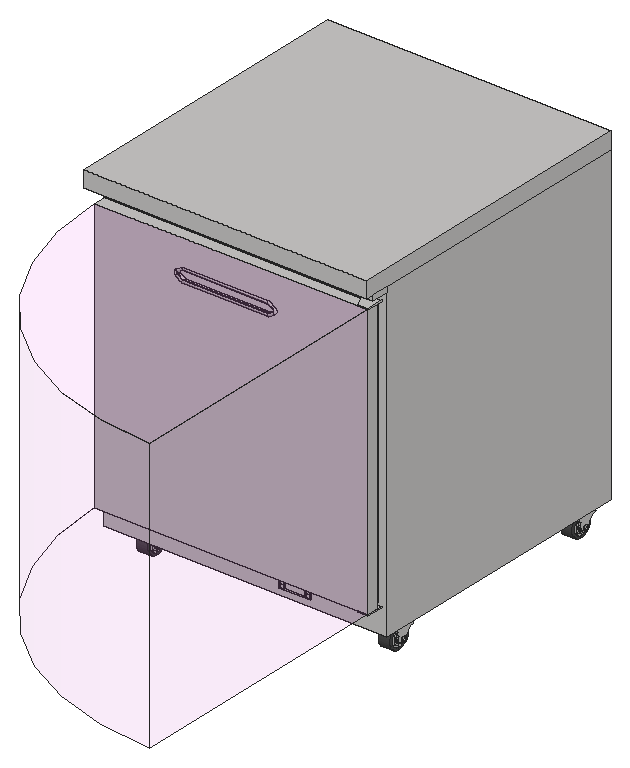
Revit family "QF_Kelvinator_738265_KCHUC27F_1-Door_Under_Counter_Freezer_27_Long", category Specialty Equipment, Revit 2021
Family settings
  Round Connector Dimension = Use Diameter
  Part Type = Normal
  Work Plane-Based = No
  Always vertical = Yes
  Cut with Voids When Loaded = No
  Shared = No
  Room Calculation Point = No
Parameters
  Weight in Pounds = 141.096
  Watts = 200 W
  Volts = 115 V
  URL Cutsheet = ""
  Specification by User = ""
  Specification by Manufacturer = ""
  Show Right Door [instance] = not(Show Left Door)  # yes
  Show Left Door [instance] = no
  Serial Number = ""
  Seismic Rating = ""
  SMACNA No = ""
  Revision Code = ""
  Refrigerant Type = "R290"
  Phase = 1
  Number of Poles = 1
  NAFEM Spec ID Number = ""
  Model = "738265 (KCHUC27F)"
  Min Ckt Ampacity = 0 A
  Max Overcurrent Protection = 0 A
  Masterspec = ""
  Manufacturer = "Kelvinator Commercial"
  Length = 27.756"
  Item Number = "738265"
  Installed By = ""
  Identify Quantity as Lot = yes
  Height = 35.512"
  HP = "1/4"
  Furnished By = ""
  Foodservice Equipment Identifier = yes
  FL Amps = 1.9 A
  Electrical Remarks = ""
  Electric Connection Type = ""
  Elec Conn RI Height = 0.000"
  Elec Conn Connection Height = 0.000"
  Description = "1-Door Under Counter Freezer 27\" Long"
  Depth = 29.921"
  Default Elevation = 0.000"
  Cycle = 60 Hz
  Conn Plug = "5-15P"
  Conn Conduit = yes
  CSI MasterFormat = ""
  Apparent Power = 0 VA
Reference planes (in)
  plane 1 "BACK": y = 0
  plane 2: z = 0
  plane 3 "LEFT": x = 0
  plane 4 "RIGHT": x = 27.756
  plane 5 "FRONT": y = -29.921
  plane 6 "TOP": z = 35.512
  plane 7 "Center Y": x = 13.878
  plane 8 "Center X": y = -14.9605
Dimensions and locks (in)
  equal spacing: plane 3 "LEFT", plane 7 "Center Y", plane 4 "RIGHT"
  "Length": plane 3 "LEFT" to plane 4 "RIGHT"
  equal spacing: plane 5 "FRONT", plane 8 "Center X", plane 1 "BACK"
  "Depth": plane 5 "FRONT" to plane 1 "BACK"
  "Height": plane 6 "TOP" to level
  aligned and locked: level to plane 2
Nested families (in)
  nested 1: "KCHST.0001" at (0, 0, 0), Show Left Door <- "Show Left Door", Show Right Door <- "Show Right Door", type "KCHST.0001"
    with Show Right Door yes, Show Left Door no, Show Clearance yes
Connectors (in)
  electrical at (13.856, -0.87772, 2.31881), driven by "Volts", driven by "Watts"
    settings: on nested 1, index 1, voltage 115 V, apparent load 200 VA, apparent load phase1 0 VA, apparent load phase2 0 VA, apparent load phase3 0 VA, power factor 1, load classification "Other", number of poles 1, system type 30, power factor state 1, is connector primary yes, connector utility no, sub classification motor no, connector description ""
Definition of nested family "KCHST.0001"
  Parameters (values of type "KCHST.0001")
    Weight in Pounds = 0
    URL Cutsheet = ""
    Specification by User = ""
    Specification by Manufacturer = ""
    Show Right Door [instance] = yes
    Show Left Door [instance] = yes
    Show Clearance [instance] = yes
    Serial Number = ""
    Seismic Rating = ""
    SMACNA No = ""
    Revision Code = ""
    NAFEM Spec ID Number = ""
    Masterspec = ""
    Length = 27.756"
    Item Number = ""
    Installed By = ""
    Identify Quantity as Lot = yes
    Height = 35.512"
    Furnished By = ""
    Foodservice Equipment Identifier = yes
    Depth = 29.921"
    Default Elevation = 0.000"
    CSI MasterFormat = ""
  Reference planes (in)
    plane 1 "BACK": y = 0
    plane 2: z = 0
    plane 3 "LEFT": x = 0
    plane 4 "RIGHT": x = 27.756
    plane 5 "FRONT": y = -29.921
    plane 6 "TOP": z = 35.512
    plane 7 "Center Y": x = 13.878
    plane 8 "Center X": y = -14.9605
    plane 9: z = 3.1
    plane 10: z = 33.9
    plane 11: y = -56
    plane 12: y = -29.2
    plane 13: z = 32.4
    plane 14: z = 5.6
    plane 15: y = -27.5
    plane 16: x = 25.756
    plane 17: x = 2
    plane 18: x = 27.256
    plane 19: x = 0.5
  Forms (in)
    Extrusion 1, solid
      sketch origin (0, 0, 0) x (0, 1, 0) y (0, 0, 1)
        loop
          line (-27.5, 33.9) -> (-27.5, 3.1) -> (0, 3.1) -> (0, 33.9) -> (-27.5, 33.9)
      from 0 to 27.756
    Extrusion 2, solid
      sketch origin (0, 0, 0) x (0, 1, 0) y (0, 0, 1)
        loop
          line (-29.921, 35.512) -> (-29.921, 33.9) -> (0, 33.9) -> (0, 35.512) -> (-29.921, 35.512)
      from 0 to 27.756
    Extrusion 3, solid
      sketch origin (0, 0, 0) x (0, 1, 0) y (0, 0, 1)
        loop
          line (-29.2, 33.9) -> (-29.2, 33.4) -> (-27.5, 33.4) -> (-27.5, 33.9) -> (-29.2, 33.9)
      from 0 to 27.756
    Extrusion 4, solid
      sketch origin (13.878, 6.90541, 48) x (0, 1, 0) y (0, 0, 1)
        loop
          line (-36.10541, -15.6) -> (-36.10541, -42.4) -> (-34.95211, -42.4) -> (-34.95211, -15.6) -> (-36.10541, -15.6)
      from 13.378 to -13.378
    Extrusion 5, solid
      sketch origin (0, 0, 0) x (0, 1, 0) y (0, 0, 1)
        loop
          line (-28.04671, 32.20449) -> (-28.04671, 5.81322) -> (-27.79671, 5.81322) -> (-27.79671, 32.20449) -> (-28.04671, 32.20449)
      from 0.74536 to 26.90213
    Extrusion 6, solid
      sketch origin (0, 0.25, 0) x (0, 1, 0) y (0, 0, 1)
        loop
          line (-28.04671, 32.20449) -> (-28.04671, 5.81322) -> (-27.864, 5.81322) -> (-27.864, 32.20449) -> (-28.04671, 32.20449)
      from 0.74536 to 26.90213
    Extrusion 7, solid
      sketch origin (0, 0.4327, 0) x (0, 1, 0) y (0, 0, 1)
        loop
          line (-28.04671, 32.20449) -> (-28.04671, 5.81322) -> (-27.9327, 5.81322) -> (-27.9327, 32.20449) -> (-28.04671, 32.20449)
      from 0.74536 to 26.90213
    Extrusion 8, solid
      sketch origin (-4.97957, -27.5, -4.77927) x (-1, 0, 0) y (0, 0, 1)
        loop
          line (-22.18133, 9.70772) -> (-25.33093, 9.70772) -> (-25.33093, 8.52662) -> (-22.18133, 8.52662) -> (-22.18133, 9.70772)
        loop
          line (-22.26007, 9.63107) -> (-22.65377, 9.63107) -> (-22.65377, 9.31193) -> (-22.26007, 9.31193) -> (-22.26007, 9.63107)
        loop
          line (-22.26007, 9.27674) -> (-22.65377, 9.27674) -> (-22.65377, 8.9576) -> (-22.26007, 8.9576) -> (-22.26007, 9.27674)
        loop
          line (-22.26007, 8.92241) -> (-22.65377, 8.92241) -> (-22.65377, 8.60327) -> (-22.26007, 8.60327) -> (-22.26007, 8.92241)
        loop
          line (-25.25219, 9.63107) -> (-25.25219, 9.31193) -> (-24.85849, 9.31193) -> (-24.85849, 9.63107) -> (-25.25219, 9.63107)
        loop
          line (-25.25219, 9.27674) -> (-25.25219, 8.9576) -> (-24.85849, 8.9576) -> (-24.85849, 9.27674) -> (-25.25219, 9.27674)
        loop
          line (-25.25219, 8.92241) -> (-25.25219, 8.60327) -> (-24.85849, 8.60327) -> (-24.85849, 8.92241) -> (-25.25219, 8.92241)
        loop
          line (-22.73125, 9.63107) -> (-24.78101, 9.63107) -> (-24.78101, 8.60716) -> (-22.73125, 8.60716) -> (-22.73125, 9.63107)
      from 0.07874 to -0.04602
    Extrusion 9, solid
      sketch origin (-4.97957, -27.54602, -4.77927) x (1, 0, 0) y (0, 0, 1)
        loop
          line (24.85849, 9.63107) -> (24.85849, 9.31193) -> (25.25219, 9.31193) -> (25.25219, 9.63107) -> (24.85849, 9.63107)
        loop
          line (24.85849, 9.27674) -> (24.85849, 8.9576) -> (25.25219, 8.9576) -> (25.25219, 9.27674) -> (24.85849, 9.27674)
        loop
          line (24.85849, 8.92241) -> (24.85849, 8.60327) -> (25.25219, 8.60327) -> (25.25219, 8.92241) -> (24.85849, 8.92241)
        loop
          line (22.65377, 9.63107) -> (22.26007, 9.63107) -> (22.26007, 9.31193) -> (22.65377, 9.31193) -> (22.65377, 9.63107)
        loop
          line (22.65377, 9.27674) -> (22.26007, 9.27674) -> (22.26007, 8.9576) -> (22.65377, 8.9576) -> (22.65377, 9.27674)
        loop
          line (22.65377, 8.92241) -> (22.26007, 8.92241) -> (22.26007, 8.60327) -> (22.65377, 8.60327) -> (22.65377, 8.92241)
      from 0 to -0.07874
    Extrusion 10, solid
      sketch origin (-4.97957, -27.54602, -4.77927) x (1, 0, 0) y (0, 0, 1)
        loop
          line (22.73125, 9.63107) -> (22.73125, 8.60716) -> (24.78101, 8.60716) -> (24.78101, 9.63107) -> (22.73125, 9.63107)
      from 0 to -0.07874
    Extrusion 11, void
      sketch origin (-4.97957, -27.5, -4.77927) x (-1, 0, 0) y (0, 0, 1)
        loop
          line (-22.18133, 9.70772) -> (-25.33093, 9.70772) -> (-25.33093, 8.52662) -> (-22.18133, 8.52662) -> (-22.18133, 9.70772)
      from 0 to 0.07874
    Extrusion 12, void
      sketch origin (-15.80943, -29.19996, 31.5181) x (0, 0, 1) y (1, 0, 0)
        loop
          line (-1.94791, 24.94368) -> (-1.94791, 33.29368) -> (-2.28604, 33.83468)
          arc (-2.28604, 33.83468) -> (-2.38541, 33.88976) -> (-2.48479, 33.83468) r 0.11719
          line (-2.48479, 33.83468) -> (-2.82291, 33.29368) -> (-2.82291, 24.94368) -> (-2.48621, 24.40496)
          arc (-2.48621, 24.40496) -> (-2.38541, 24.34909) -> (-2.28462, 24.40496) r 0.11887
          line (-2.28462, 24.40496) -> (-1.94791, 24.94368)
      from 0 to 0.31887
    Sweep 13, solid
      path origin (-15.80943, -26.39996, 31.5181) x (0, 0, -1) y (1, 0, 0)
        loop
          line (2.82291, 33.29368) -> (2.48479, 33.83468)
          arc (2.48479, 33.83468) -> (2.38541, 33.88976) -> (2.28604, 33.83468) r 0.11719
          line (2.28604, 33.83468) -> (1.94791, 33.29368) -> (1.94791, 24.94368) -> (2.28462, 24.40496)
          arc (2.28462, 24.40496) -> (2.38541, 24.34909) -> (2.48621, 24.40496) r 0.11887
          line (2.48621, 24.40496) -> (2.82291, 24.94368) -> (2.82291, 33.29368)
      profile origin (13.30925, -26.39996, 28.69519) x (0, 0, -1) y (0, -1, 0)
        loop
          line (0, 2.8) -> (0.25, 2.8)
          arc (0.25, 2.8) -> (0.125, 2.85269) -> (0, 2.8) r 0.17461
    Extrusion 14, solid
      sketch origin (0.56875, -3.56521, 3.1) x (-1, 0, 0) y (0, 1, 0)
        loop
          circle (-13.28725, 2.68749) r 0.25
      from 0 to 0.78119
    Extrusion 15, solid, visible <- "Show Right Door"
      sketch origin (13.878, -29.2, 32.4) x (0, 1, 0) y (-1, 0, 0)
        loop
          arc (0, 13.378) -> (-18.91935, 5.54135) -> (-26.756, -13.378) r 26.756
          line (-26.756, -13.378) -> (0, -13.378) -> (0, 13.378)
      from 0 to -26.8
    Extrusion 16, solid, visible <- "Show Right Door"
      sketch origin (13.878, -29.2, 32.4) x (0, 1, 0) y (-1, 0, 0)
        loop
          line (1.7, -13.378) -> (1.7, -11.628) -> (0, -12.378) -> (0, -13.378) -> (1.7, -13.378)
      from 0 to 0.13
    Extrusion 17, solid, visible <- "Show Right Door"
      sketch origin (13.878, -28.04671, 5.6) x (-1, 0, 0) y (0, 1, 0)
        loop
          line (-11.628, 0.54671) -> (-13.378, 0.54671) -> (-13.378, -1.15329) -> (-12.378, -1.15329) -> (-11.628, 0.54671)
      from 0 to 0.13
    Extrusion 18, solid, visible <- "Show Left Door"
      sketch origin (13.878, -29.2, 32.4) x (0, 1, 0) y (-1, 0, 0)
        loop
          line (1.7, 13.378) -> (0, 13.378) -> (0, 12.378) -> (1.7, 11.628) -> (1.7, 13.378)
      from 0 to 0.13
    Extrusion 19, solid, visible <- "Show Left Door"
      sketch origin (13.878, -28.04671, 5.6) x (-1, 0, 0) y (0, 1, 0)
        loop
          line (11.628, 0.54671) -> (12.378, -1.15329) -> (13.378, -1.15329) -> (13.378, 0.54671) -> (11.628, 0.54671)
      from 0 to 0.13
    Extrusion 20, solid, visible <- "Show Left Door"
      sketch origin (13.878, -29.2, 32.4) x (0, 1, 0) y (-1, 0, 0)
        loop
          line (0, -13.378) -> (0, 13.378) -> (-26.756, 13.378)
          arc (-26.756, 13.378) -> (-18.91935, -5.54135) -> (0, -13.378) r 26.756
      from 0 to -26.8
  Cuts and joins
    Extrusion 11 cuts Extrusion 8
    Extrusion 12 cuts Extrusion 4
  Lines and regions (in)
    symbolic lines
      curve 1: line (27.756, -29.921, 0) -> (27.756, 0, 0)
      curve 2: line (27.756, 0, 0) -> (0, 0, 0)
      curve 3: line (0, 0, 0) -> (0, -29.921, 0)
      curve 4: line (0, -29.921, 0) -> (27.756, -29.921, 0)
    symbolic lines, visible <- "Show Right Door"
      curve 5: arc (0.51207, -29.921, 0) -> (1.51067, -36.47568, 0) -> (4.09052, -42.5835, 0) r 26.75365
      curve 6: line (4.09052, -42.5835, 0) -> (25.97861, -29.921, 0)
    symbolic lines, visible <- "Show Left Door"
      curve 7: arc (27.24393, -29.921, 0) -> (26.24533, -36.47568, 0) -> (23.66548, -42.5835, 0) r 26.75365
      curve 8: line (23.66548, -42.5835, 0) -> (1.77739, -29.921, 0)
  Dimensions and locks (in)
    equal spacing: plane 3 "LEFT", plane 7 "Center Y", plane 4 "RIGHT"
    "Length": plane 3 "LEFT" to plane 4 "RIGHT"
    equal spacing: plane 5 "FRONT", plane 8 "Center X", plane 1 "BACK"
    "Depth": plane 5 "FRONT" to plane 1 "BACK"
    "Height": plane 6 "TOP" to level
    level to plane 9 = 3.100"
    plane 10 to plane 9 = 30.800"
    plane 11 to plane 1 "BACK" = 56.000"
    plane 14 to plane 13 = 26.800"
    locked: plane 4 "RIGHT" to plane 16 at 2
    locked: plane 3 "LEFT" to plane 17 at 2
    locked: plane 19 to plane 3 "LEFT" at 0.5
    locked: plane 18 to plane 4 "RIGHT" at 0.5
    plane 9 to plane 6 "TOP" = 32.412"
    plane 3 "LEFT" to plane 4 "RIGHT" = 27.756"
    aligned and locked: level to plane 2
    aligned and locked: plane 16 to nested 1
    aligned and locked: nested 2 to plane 17
    aligned and locked: Extrusion 1 to plane 4 "RIGHT"
    aligned and locked: plane 4 "RIGHT" to Extrusion 1
    aligned and locked: Extrusion 3 to plane 4 "RIGHT"
    aligned and locked: Extrusion 2 to plane 4 "RIGHT"
    aligned and locked: plane 18 to cut or joined group of Extrusion 4, Extrusion 12
    aligned and locked: cut or joined group of Extrusion 4, Extrusion 12 to plane 19
    aligned and locked: plane 16 to nested 3
  Automatic sketch dimensions
    plane 1 "BACK" to curve 3 = 0.000"
    curve 3 to plane 3 "LEFT" = 0.000"
    curve 7 to plane 12 = 0.000"
    curve 7 to plane 19 = 0.000"
    plane 5 "FRONT" to curve 5 = 0.000"
    curve 5 to plane 12 = 0.000"
    curve 5 to plane 18 = 0.000"
    curve 1 to plane 4 "RIGHT" = 0.000"
    curve 6 to plane 17 = 2.09052"
    curve 8 to plane 16 = 2.09052"
    plane 5 "FRONT" to curve 6 = 12.6625"
    plane 5 "FRONT" to curve 8 = 12.6625"
    plane 17 to curve 8 = 0.22261"
    plane 16 to curve 6 = 0.22261"
    plane 9 to Extrusion 1 sketch curve = 0.000"
    Extrusion 1 sketch curve to plane 15 = 0.000"
    Extrusion 1 sketch curve to plane 1 "BACK" = 0.000"
    Extrusion 1 sketch curve to plane 10 = 0.000"
    Extrusion 2 sketch curve to plane 5 "FRONT" = 0.000"
    Extrusion 2 sketch curve to plane 1 "BACK" = 0.000"
    Extrusion 2 sketch curve to plane 10 = 0.000"
    Extrusion 2 sketch curve to plane 6 "TOP" = 0.000"
    Extrusion 3 sketch curve to plane 10 = 0.000"
    Extrusion 3 sketch curve to plane 12 = 0.000"
    Extrusion 3 sketch curve to plane 15 = 0.000"
    Extrusion 3 sketch curve to Extrusion 3 sketch curve = 0.500"
    Extrusion 4 sketch curve to plane 12 = 0.000"
    plane 14 to Extrusion 4 sketch curve = 0.000"
    plane 13 to Extrusion 4 sketch curve = 0.000"
    Extrusion 4 sketch curve to plane 15 = 0.54671"
    Extrusion 5 sketch curve to plane 14 = 0.21322"
    Extrusion 5 sketch curve to plane 15 = 0.54671"
    Extrusion 5 sketch curve to Extrusion 5 sketch curve = 0.250"
    plane 13 to Extrusion 5 sketch curve = 0.19551"
    Extrusion 6 sketch curve to plane 15 = 0.29671"
    Extrusion 6 sketch curve to plane 15 = 0.114"
    Extrusion 6 sketch curve to plane 14 = 0.21322"
    plane 13 to Extrusion 6 sketch curve = 0.19551"
    Extrusion 7 sketch curve to plane 15 = 0.000"
    Extrusion 7 sketch curve to Extrusion 7 sketch curve = 0.114"
    Extrusion 7 sketch curve to plane 14 = 0.21322"
    plane 13 to Extrusion 7 sketch curve = 0.19551"
    plane 14 to Extrusion 8 sketch curve = 0.67154"
    Extrusion 8 sketch curve to plane 16 = 5.40464"
    Extrusion 8 sketch curve to Extrusion 8 sketch curve = 0.07874"  (x3)
    Extrusion 8 sketch curve to Extrusion 8 sketch curve = 0.000"  (x7)
    Extrusion 8 sketch curve to Extrusion 8 sketch curve = 0.3937"  (x2)
    Extrusion 8 sketch curve to Extrusion 8 sketch curve = 0.07748"  (x3)
    Extrusion 8 sketch curve to plane 9 = 0.72789"
    Extrusion 8 sketch curve to Extrusion 8 sketch curve = 2.04976"
    Extrusion 8 sketch curve to Extrusion 8 sketch curve = 0.00389"  (x2)
    Extrusion 8 sketch curve to Extrusion 8 sketch curve = 0.07665"  (x3)
    Extrusion 8 sketch curve to Extrusion 8 sketch curve = 0.31914"  (x4)
    Extrusion 8 sketch curve to Extrusion 8 sketch curve = 0.03519"  (x4)
    Extrusion 8 to Extrusion 9 sketch curve = 0.000"  (x10)
    Extrusion 9 sketch curve to Extrusion 8 = 0.000"  (x14)
    Extrusion 10 sketch curve to Extrusion 8 = 0.000"  (x3)
    Extrusion 8 to Extrusion 10 sketch curve = 0.000"
    plane 14 to Extrusion 11 sketch curve = 0.67154"
    Extrusion 11 sketch curve to plane 16 = 5.40464"
    Extrusion 11 sketch curve to plane 9 = 0.64735"
    Extrusion 11 sketch curve to Extrusion 11 sketch curve = 3.14961"
    plane 13 to Extrusion 12 sketch curve = 3.70481"
    Extrusion 12 sketch curve to Extrusion 12 sketch curve = 0.3367"
    Extrusion 12 sketch curve to Extrusion 12 sketch curve = 0.33813"  (x2)
    Extrusion 12 sketch curve to Extrusion 12 sketch curve = 0.09937"  (x2)
    Extrusion 12 sketch curve to Extrusion 12 sketch curve = 0.1008"  (x2)
    Extrusion 12 sketch curve to plane 7 "Center Y" = 5.28247"
    Extrusion 12 sketch curve to Extrusion 12 sketch curve = 0.063"
    Extrusion 12 sketch curve to Extrusion 12 sketch curve = 0.53872"  (x2)
    plane 7 "Center Y" to Extrusion 12 sketch curve = 3.60625"
    Extrusion 12 sketch curve to Extrusion 12 sketch curve = 0.000"
    Extrusion 12 sketch curve to Extrusion 12 sketch curve = 0.47889"
    Extrusion 12 sketch curve to Extrusion 12 sketch curve = 0.06211"
    plane 13 to Sweep 13 sketch curve = 2.82981"
    Sweep 13 sketch curve to Sweep 13 sketch curve = 0.3367"
    Sweep 13 sketch curve to Sweep 13 sketch curve = 0.33813"  (x2)
    Sweep 13 sketch curve to Sweep 13 sketch curve = 0.09937"  (x2)
    Sweep 13 sketch curve to Sweep 13 sketch curve = 0.1008"  (x2)
    Sweep 13 sketch curve to plane 7 "Center Y" = 5.28247"
    Sweep 13 sketch curve to Sweep 13 sketch curve = 0.063"
    Sweep 13 sketch curve to Sweep 13 sketch curve = 0.53872"  (x2)
    plane 7 "Center Y" to Sweep 13 sketch curve = 3.60625"
    Sweep 13 sketch curve to Sweep 13 sketch curve = 0.000"
    Sweep 13 sketch curve to Sweep 13 sketch curve = 0.47889"
    Sweep 13 sketch curve to Sweep 13 sketch curve = 0.06211"
    Sweep 13 sketch curve to profile plane = 0.000"
    Sweep 13 sketch curve to profile plane = 0.125"
    profile plane to Sweep 13 sketch curve = 2.67809"
    Sweep 13 sketch curve to Sweep 13 sketch curve = 0.12191"
    Extrusion 1 to Extrusion 14 sketch curve = 0.87772"
    Extrusion 14 sketch curve to Extrusion 1 = 13.900"
    Extrusion 15 sketch curve to Extrusion 4 = 0.000"  (x2)
    Extrusion 4 to Extrusion 15 sketch curve = 0.000"
    Extrusion 16 sketch curve to Extrusion 4 = 0.000"
    Extrusion 4 to Extrusion 16 sketch curve = 0.000"
    Extrusion 4 to Extrusion 16 sketch curve = 0.54671"
    Extrusion 4 to Extrusion 16 sketch curve = 1.000"
    Extrusion 4 to Extrusion 16 sketch curve = 1.750"
    Extrusion 17 sketch curve to Extrusion 4 = 0.000"
    Extrusion 4 to Extrusion 17 sketch curve = 0.000"
    Extrusion 17 sketch curve to Extrusion 4 = 1.000"
    Extrusion 17 sketch curve to Extrusion 4 = 0.54671"
    Extrusion 17 sketch curve to Extrusion 4 = 1.750"
    Extrusion 18 sketch curve to Extrusion 4 = 0.000"  (x2)
    Extrusion 4 to Extrusion 18 sketch curve = 0.54671"
    Extrusion 4 to Extrusion 18 sketch curve = 1.000"
    Extrusion 4 to Extrusion 18 sketch curve = 1.750"
    Extrusion 4 to Extrusion 19 sketch curve = 0.000"
    Extrusion 19 sketch curve to Extrusion 4 = 0.000"
    Extrusion 19 sketch curve to Extrusion 4 = 1.000"
    Extrusion 19 sketch curve to Extrusion 4 = 0.54671"
    Extrusion 19 sketch curve to Extrusion 4 = 1.750"
    Extrusion 20 sketch curve to Extrusion 4 = 0.000"  (x3)
    radius of Extrusion 14 sketch curve = 0.250"
  Nested families (in)
    nested 1: "3 INCHES 01_CASTER" at (25.756, -24.75, 0), type "3 INCHES 01_CASTER"
      with Type Mark "", Specification by User "", Revision Code "", Item Number "", Installed By "", Identify Quantity as Lot yes, Furnished By "", Foodservice Equipment Identifier yes, 3 Inches Caster yes
    nested 2: "3 INCHES 01_CASTER" at (2, -24.75, 0), type "3 INCHES 01_CASTER"
      with Type Mark "", Specification by User "", Revision Code "", Item Number "", Installed By "", Identify Quantity as Lot yes, Furnished By "", Foodservice Equipment Identifier yes, 3 Inches Caster yes
    nested 3: "3 INCHES 01_CASTER" at (25.756, -2.375, 0), type "3 INCHES 01_CASTER"
      with Type Mark "", Specification by User "", Revision Code "", Item Number "", Installed By "", Identify Quantity as Lot yes, Furnished By "", Foodservice Equipment Identifier yes, 3 Inches Caster yes
    nested 4: "3 INCHES 01_CASTER" at (2, -2.375, 0), type "3 INCHES 01_CASTER"
      with Type Mark "", Specification by User "", Revision Code "", Item Number "", Installed By "", Identify Quantity as Lot yes, Furnished By "", Foodservice Equipment Identifier yes, 3 Inches Caster yes
  Definition of nested family "3 INCHES 01_CASTER"
    Parameters (values of type "3 INCHES 01_CASTER")
      Weight = ""
      URL Manufacturer = ""
      URL Cutsheet = ""
      URL = ""
      Type Mark [instance] = ""
      Specification by User [instance] = ""
      Specification by Manufacturer = ""
      Serial Number = ""
      Seismic Rating = ""
      SMACNA No = ""
      Revision Code [instance] = ""
      Omniclass Number and Title = ""
      NAFEM Spec ID Number = ""
      Model = ""
      MasterSpec. = ""
      Manufacturer = ""
      Item Number [instance] = ""
      Installed By [instance] = ""
      Identify Quantity as Lot [instance] = yes
      Furnished By [instance] = ""
      Foodservice Equipment Identifier [instance] = yes
      Description = ""
      Default Elevation = 0.000"
      CSI MasterFormat = ""
      CSI Master Format = ""
      Assembly Code = ""
      3 Inches Caster [instance] = yes
    Reference planes (in)
      plane 1: z = 0
      plane 2 "RIGHT": x = 0
      plane 3 "FRONT": y = 0
      plane 4 "TOP": z = 3.1
    Forms (in)
      Revolve 1, solid, visible <- "3 Inches Caster"
        sketch origin (-1.93794, 0.56004, -1.0041) x (1, 0, 0) y (0, 0, 1)
          loop
            line (0.74055, 2.11347) -> (0.74055, 2.03797) -> (0.79055, 1.98797) -> (0.85055, 1.98797) -> (0.85055, 1.8679) -> (1.235, 1.8679) -> (1.235, 1.7068) -> (1.36441, 1.63209) -> (1.4003, 1.41035) -> (1.34375, 1.41035) -> (1.34375, 1.28535) -> (1.375, 1.28535) -> (1.375, 1.0041) -> (2.48438, 1.0041) -> (2.48438, 1.28535) -> (2.51563, 1.28535) -> (2.51563, 1.41035) -> (2.45908, 1.41035) -> (2.49553, 1.6356) -> (2.62438, 1.70999) -> (2.62438, 1.8679) -> (3.04007, 1.8679) -> (3.04007, 1.98797) -> (3.10007, 1.98797) -> (3.15007, 2.03797) -> (3.15007, 2.11347) -> (0.74055, 2.11347)
          axis (0.74055, 2.11347) -> (3.15007, 2.11347)
        angle from 0 to 360
      Extrusion 2, solid, visible <- "3 Inches Caster"
        sketch origin (-1.93794, 1.35294, -3.2541) x (0, 1, 0) y (0, 0, 1)
          loop
            line (-0.41094, 5.86793) -> (-0.41094, 6.01276) -> (-2.29494, 6.01276) -> (-2.29494, 5.71244) -> (-1.82301, 5.71244)
            arc (-1.82301, 5.71244) -> (-1.00307, 5.59865) -> (-0.19592, 5.41488) r 9.6332
            arc (-0.19592, 5.41488) -> (0.12646, 5.29481) -> (0.42224, 5.11916) r 1.92059
            line (0.42224, 5.11916) -> (0.51314, 5.245)
            arc (0.51314, 5.245) -> (0.27353, 5.42569) -> (0.01201, 5.5729) r 2.25036
            line (0.01201, 5.5729) -> (0.09371, 5.71426)
            arc (0.09371, 5.71426) -> (-0.15272, 5.81043) -> (-0.41094, 5.86793) r 1.73151
        from 1.17357 to 2.70231
      Revolve 3, solid, visible <- "3 Inches Caster"
        sketch origin (0, 1.73858, -3.25) x (0, 1, 0) y (0, 0, 1)
          loop
            line (-1.73858, 6.35) -> (-1.73858, 6.00866) -> (-0.93293, 6.00866) -> (-0.93293, 6.35) -> (-1.73858, 6.35)
          axis (-1.73858, 6.00866) -> (-1.73858, 6.35)
        angle from 0 to 360
      Extrusion 4, solid, visible <- "3 Inches Caster"
        sketch origin (-1.98481, 1.35294, -1.7541) x (0, 1, 0) y (0, 0, 1)
          loop
            line (-2.29494, 4.51276) -> (-2.29494, 4.21244) -> (-2.2074, 4.21244)
            arc (-2.2074, 4.21244) -> (-1.58796, 3.87196) -> (-1.3103, 3.22193) r 1.0835
            arc (-1.3103, 3.22193) -> (-1.27304, 2.98711) -> (-1.19616, 2.76214) r 1.38462
            arc (-1.19616, 2.76214) -> (-0.77704, 2.49744) -> (-0.37393, 2.78593) r 0.44401
            arc (-0.37393, 2.78593) -> (-0.35491, 2.84407) -> (-0.34077, 2.90358) r 0.74034
            arc (-0.34077, 2.90358) -> (-0.07302, 3.38916) -> (0.4279, 3.62699) r 0.90376
            line (0.4279, 3.62699) -> (0.51314, 3.745)
            arc (0.51314, 3.745) -> (0.27353, 3.92569) -> (0.01201, 4.0729) r 2.25036
            line (0.01201, 4.0729) -> (0.09371, 4.21426)
            arc (0.09371, 4.21426) -> (-0.15272, 4.31043) -> (-0.41094, 4.36793) r 1.73151
            line (-0.41094, 4.36793) -> (-0.41094, 4.51276) -> (-2.29494, 4.51276)
        from 2.74918 to 2.90825
      Extrusion 5, solid, visible <- "3 Inches Caster"
        sketch origin (1.98481, 1.35294, -1.7541) x (0, 1, 0) y (0, 0, -1)
          loop
            line (-2.29494, -4.51276) -> (-0.41094, -4.51276) -> (-0.41094, -4.36793)
            arc (-0.41094, -4.36793) -> (-0.15272, -4.31043) -> (0.09371, -4.21426) r 1.73151
            line (0.09371, -4.21426) -> (0.01201, -4.0729)
            arc (0.01201, -4.0729) -> (0.27353, -3.92569) -> (0.51314, -3.745) r 2.25036
            line (0.51314, -3.745) -> (0.4279, -3.62699)
            arc (0.4279, -3.62699) -> (-0.07302, -3.38916) -> (-0.34077, -2.90358) r 0.90376
            arc (-0.34077, -2.90358) -> (-0.35491, -2.84407) -> (-0.37393, -2.78593) r 0.74034
            arc (-0.37393, -2.78593) -> (-0.77704, -2.49744) -> (-1.19616, -2.76214) r 0.44401
            arc (-1.19616, -2.76214) -> (-1.27304, -2.98711) -> (-1.3103, -3.22193) r 1.38462
            arc (-1.3103, -3.22193) -> (-1.58796, -3.87196) -> (-2.2074, -4.21244) r 1.0835
            line (-2.2074, -4.21244) -> (-2.29494, -4.21244) -> (-2.29494, -4.51276)
        from 2.74918 to 2.90825
    Cuts and joins
      joined: Extrusion 2, Extrusion 4, Extrusion 5
    Lines and regions (in)
      symbolic lines, visible <- "3 Inches Caster"
        curve 1: line (0.1877, 1.65194, 0) -> (0.89063, 1.2461, 0)
        curve 2: line (-1.00175, -0.40823, 0) -> (0.1877, 1.65194, 0)
        curve 3: line (-0.29881, -0.81407, 0) -> (-1.00175, -0.40823, 0)
        curve 4: line (0.89063, 1.2461, 0) -> (-0.29881, -0.81407, 0)
    Dimensions and locks (in)
      plane 4 "TOP" to level = 3.100"  (x2)
      aligned and locked: level to plane 1
